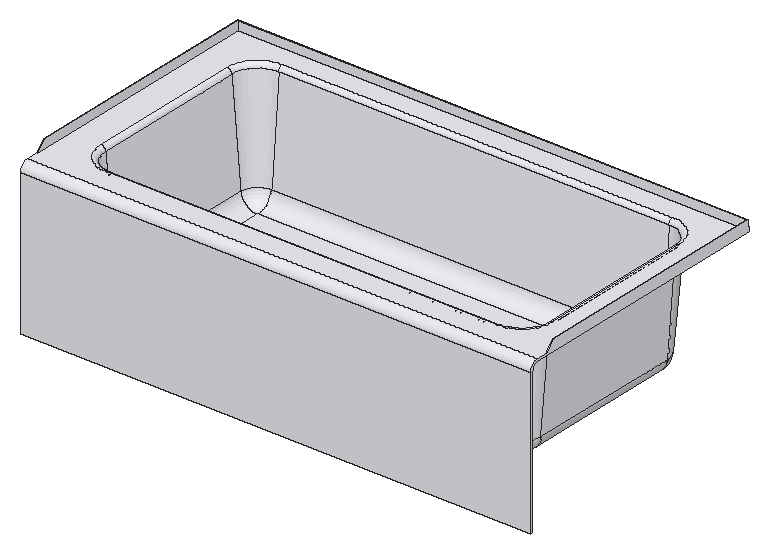
Revit family "Bathtub-American_Standard-Studio-2574_Series", category Plumbing Fixtures, Revit 2014
Parameters (values of type "2574102.011")
  Width = 60"  # constant formula
  Right Overflow Offset = 5"
  Drain Offset = 50 1/4"
  Waste Connection Diameter = 1 3/4"
  Waste Connection = yes
  Warranty Information = "Limited Lifetime Warranty"  # constant formula
  WFU = 4  # constant formula
  Vent Connection = no
  URL = "http://www.americanstandard-us.com"
  Product Page URL = ""
  Product Documentation Link = ""
  Price = "Prices may vary. Please consult Manufacturer Representative for most up-to-date price list."  # constant formula
  Left Overflow Offset = 1"
  Model = "2574102.011"
  Material = "High Gloss Acrylic-American Standard-011-Arctic White"
  Manufacturer = "American Standard"  # constant formula
  Length = 32"  # constant formula
  Installation Type = "Surface Mounted"  # constant formula
  Hot Water Connection Diameter = 1/2"
  Height = 18"  # constant formula
  HWFU = 3  # constant formula
  HW Connection = yes
  Finish = High Gloss Acrylic-American Standard-011-Arctic White
  EverClean Surface = yes
  Drain Length = 15 5/8"  # constant formula
  Description = "Studio Bathing Pool Above Floor Rough with Built-In Apron"  # constant formula
  Default Elevation = 0"  # constant formula
  Creation Date = "02/27/2019"  # constant formula
  Cold Water Connection Diameter = 1/2"
  CWFU = 3  # constant formula
  CW Connection = yes
  Assembly Code = "D2010510"
Types (5): name | Right Overflow Offset | Drain Offset | Left Overflow Offset | Model | Material | Finish
  (no name) | 5" | 50 1/4" | 1" | "2574102.011" | "High Gloss Acrylic-American Standard-011-Arctic White" | High Gloss Acrylic-American Standard-011-Arctic White
  2574102.020 | 5" | 50 1/4" | 1" | "2574102.020" | "High Gloss Acrylic-American Standard-020-White" | High Gloss Acrylic-American Standard-020-White
  2574102.011 | 5" | 50 1/4" | 1" | "2574102.011" | "High Gloss Acrylic-American Standard-011-Arctic White" | High Gloss Acrylic-American Standard-011-Arctic White
  2574202.020 | 1" | 9 3/4" | 5" | "2574202.020" | "High Gloss Acrylic-American Standard-020-White" | High Gloss Acrylic-American Standard-020-White
  2574202.011 | 1" | 9 3/4" | 5" | "2574202.011" | "High Gloss Acrylic-American Standard-011-Arctic White" | High Gloss Acrylic-American Standard-011-Arctic White
Reference planes (in)
  plane 1 "Center (Front/Back)": y = 0
  plane 2: z = 0
  plane 3 "Center (Left/Right)": x = 8.25
  plane 4: z = 18
  plane 5: x = 68.25
  plane 6: y = -32
  plane 7: x = 58.5
  plane 8: x = 11.7997
  plane 9: x = 65.19079
  plane 10: y = -15.625
  plane 11: y = -2.48385
  plane 12: y = -28.51615
  plane 13: z = 19
  plane 14: z = 3
  plane 15: z = 3
  plane 16: y = -29.51615
  plane 17: x = 8.375
  plane 18: y = -0.125
  plane 19: x = 68.125
  plane 20: z = 15
  plane 21: x = 38.25
  plane 22: x = 9.25
  plane 23: x = 63.25
Forms (in)
  Sweep 1, solid, material "High Gloss Acrylic-American Standard-011-Arctic White" <- "Finish"
    path origin (0, 0, 0) x (1, 0, 0) y (0, 1, 0)
      loop
        arc (15.5497, -2.48385) -> (12.89805, -3.5822) -> (11.7997, -6.23385) r 3.75
        line (11.7997, -6.23385) -> (11.7997, -24.76615)
        arc (11.7997, -24.76615) -> (12.89805, -27.4178) -> (15.5497, -28.51615) r 3.75
        line (15.5497, -28.51615) -> (61.44079, -28.51615)
        arc (61.44079, -28.51615) -> (64.09244, -27.4178) -> (65.19079, -24.76615) r 3.75
        line (65.19079, -24.76615) -> (65.19079, -6.23385)
        arc (65.19079, -6.23385) -> (64.09244, -3.5822) -> (61.44079, -2.48385) r 3.75
        line (61.44079, -2.48385) -> (15.5497, -2.48385)
    profile origin (38.49525, -2.48385, 0) x (0, 1, 0) y (0, 0, 1)
      loop
        line (0, 18) -> (-0.10361, 18)
        arc (-0.10361, 18) -> (-0.48901, 17.85013) -> (-0.6719, 17.47926) r 0.57046
        line (-0.6719, 17.47926) -> (-1.71477, 5.55923)
        arc (-1.71477, 5.55923) -> (-2.32824, 4.31522) -> (-3.62099, 3.8125) r 1.9135
        line (-3.62099, 3.8125) -> (-3.7255, 3.8125) -> (-3.7255, 3.5625) -> (-3.54615, 3.5625)
        arc (-3.54615, 3.5625) -> (-2.13969, 4.10945) -> (-1.47224, 5.46289) r 2.08184
        line (-1.47224, 5.46289) -> (-0.42354, 17.44954)
        arc (-0.42354, 17.44954) -> (-0.31802, 17.66353) -> (-0.09565, 17.75) r 0.32915
        line (-0.09565, 17.75) -> (0, 17.75) -> (0, 18)
  Extrusion 2, solid, material "High Gloss Acrylic-American Standard-011-Arctic White" <- "Finish"
    sketch origin (0, 0, 0) x (1, 0, 0) y (0, 1, 0)
      loop
        arc (15.5497, -6.20935) -> (15.53238, -6.21652) -> (15.5252, -6.23385) r 0.0245
        line (15.5252, -6.23385) -> (15.5252, -24.76615)
        arc (15.5252, -24.76615) -> (15.53238, -24.78348) -> (15.5497, -24.79065) r 0.0245
        line (15.5497, -24.79065) -> (61.44079, -24.79065)
        arc (61.44079, -24.79065) -> (61.45811, -24.78348) -> (61.46529, -24.76615) r 0.0245
        line (61.46529, -24.76615) -> (61.46529, -6.23385)
        arc (61.46529, -6.23385) -> (61.45811, -6.21652) -> (61.44079, -6.20935) r 0.0245
        line (61.44079, -6.20935) -> (15.5497, -6.20935)
      loop
        circle (58.5, -15.625) r 0.875
    from 3.5625 to 3.8125
  Extrusion 3, solid, material "High Gloss Acrylic-American Standard-011-Arctic White" <- "Finish"
    sketch origin (0, 0, 0) x (1, 0, 0) y (0, 1, 0)
      loop
        line (8.25, 0) -> (8.25, -29.51615) -> (68.25, -29.51615) -> (68.25, 0) -> (8.25, 0)
      loop
        line (61.44079, -2.48385) -> (15.5497, -2.48385)
        arc (15.5497, -2.48385) -> (12.89805, -3.5822) -> (11.7997, -6.23385) r 3.75
        line (11.7997, -6.23385) -> (11.7997, -24.76615)
        arc (11.7997, -24.76615) -> (12.89805, -27.4178) -> (15.5497, -28.51615) r 3.75
        line (15.5497, -28.51615) -> (61.44079, -28.51615)
        arc (61.44079, -28.51615) -> (64.09244, -27.4178) -> (65.19079, -24.76615) r 3.75
        line (65.19079, -24.76615) -> (65.19079, -6.23385)
        arc (65.19079, -6.23385) -> (64.09244, -3.5822) -> (61.44079, -2.48385) r 3.75
    from 17.75 to 18
  Extrusion 4, solid, material "High Gloss Acrylic-American Standard-011-Arctic White" <- "Finish"
    sketch origin (8.25, 0, 0) x (0, 1, 0) y (0, 0, 1)
      loop
        line (-32, 0) -> (-31.75, 0) -> (-31.75, 16.887)
        arc (-31.75, 16.887) -> (-31.49723, 17.49723) -> (-30.887, 17.75) r 0.863
        line (-30.887, 17.75) -> (-29.51615, 17.75) -> (-29.51615, 18) -> (-30.95287, 18)
        arc (-30.95287, 18) -> (-31.6933, 17.6933) -> (-32, 16.95287) r 1.04713
        line (-32, 16.95287) -> (-32, 0)
    from 0 to 60
  Extrusion 5, solid, material "High Gloss Acrylic-American Standard-011-Arctic White" <- "Finish"
    sketch origin (0, 0, 0) x (1, 0, 0) y (0, 1, 0)
      loop
        line (8.25, -29.51615) -> (8.375, -29.51615) -> (8.375, -0.125) -> (68.125, -0.125) -> (68.125, -29.51615) -> (68.25, -29.51615) -> (68.25, 0) -> (8.25, 0) -> (8.25, -29.51615)
    from 18 to 19
  Extrusion 6, void
    sketch origin (8.25, 0, 0) x (0, 1, 0) y (0, 0, 1)
      loop
        line (-29.51615, 18) -> (-28.51615, 19) -> (-29.51615, 19) -> (-29.51615, 18)
    from 0 to 60
  Extrusion 7, void
    sketch origin (8.25, 0, 0) x (0, 1, 0) y (0, 0, 1)
      loop
        circle (-15.625, 15) r 0.75
    from 1 to 0
  Extrusion 8, void
    sketch origin (68.25, 0, 0) x (0, 1, 0) y (0, 0, -1)
      loop
        circle (-15.625, -15) r 0.75
    from 5 to 0
  Extrusion 9, solid, not visible
    sketch origin (0, 0, 0) x (1, 0, 0) y (0, 1, 0)
      loop
        circle (58.5, -15.625) r 0.875
    from 3.5625 to 3.625
Cuts and joins
  Extrusion 7, Extrusion 8 cuts Sweep 1
  Extrusion 8 cuts Extrusion 2
  Extrusion 8 cuts Extrusion 3
  Extrusion 8 cuts Extrusion 4
  Extrusion 6, Extrusion 8 cuts Extrusion 5
  joined: Sweep 1, Extrusion 2, Extrusion 3, Extrusion 4, Extrusion 5
Lines and regions (in)
  Masking region 1
    outline origin (0, 0, 0) x (1, 0, 0) y (0, 1, 0)
      loop
        line (8.25, -32) -> (68.25, -32) -> (68.25, 0) -> (8.25, 0) -> (8.25, -32)
  symbolic lines, detail levels medium+fine
    curve 1: line (15.85165, -3.03192, 0) -> (60.93748, -3.03192, 0)
    curve 2: line (15.85165, -27.76615, 0) -> (60.93748, -27.76615, 0)
    curve 3: line (12.35165, -24.26615, 0) -> (12.35165, -6.53192, 0)
    curve 4: line (64.43748, -6.53192, 0) -> (64.43748, -24.26615, 0)
    curve 5: arc (12.35165, -6.53192, 0) -> (13.37677, -4.05705, 0) -> (15.85165, -3.03192, 0) r 3.5
    curve 6: arc (12.35165, -24.26615, 0) -> (13.37677, -26.74103, 0) -> (15.85165, -27.76615, 0) r 3.5
    curve 7: arc (60.93748, -27.76615, 0) -> (63.41235, -26.74103, 0) -> (64.43748, -24.26615, 0) r 3.5
    curve 8: arc (64.43748, -6.53192, 0) -> (63.41235, -4.05705, 0) -> (60.93748, -3.03192, 0) r 3.5
  symbolic lines, detail levels fine
    curve 9: circle (58.5, -15.625, 0) r 0.875 normal (0, 0, 1)
    curve 10: line (8.375, -29.51615, 0) -> (8.375, -0.125, 0)
    curve 11: line (8.375, -0.125, 0) -> (68.125, -0.125, 0)
    curve 12: line (68.125, -0.125, 0) -> (68.125, -29.51615, 0)
    curve 13: line (68.125, -29.51615, 0) -> (68.25, -29.51615, 0)
    curve 14: line (68.125, -28.51615, 0) -> (68.25, -28.51615, 0)
    curve 15: line (8.25, -29.51615, 0) -> (8.375, -29.51615, 0)
    curve 16: line (8.25, -28.51615, 0) -> (8.375, -28.51615, 0)
Dimensions and locks (in)
  "Width": plane 3 "Center (Left/Right)" to plane 5
  "Length": plane 1 "Center (Front/Back)" to plane 6
  "Height": plane 4 to level
  "Drain Offset": plane 3 "Center (Left/Right)" to plane 7
  locked: plane 3 "Center (Left/Right)" to plane 8 at 3.5497
  locked: plane 9 to plane 5 at 3.05921
  "Drain Length": plane 1 "Center (Front/Back)" to plane 10
  locked: plane 11 to plane 1 "Center (Front/Back)" at 2.48385
  locked: plane 6 to plane 12 at 3.48385
  locked: plane 13 to plane 4 at 1
  locked: plane 14 to level at 3
  locked: plane 15 to level at 3
  locked: plane 16 to plane 12 at 1
  locked: Extrusion 4 sketch curve to plane 6 at 0.25
  locked: plane 4 to Extrusion 4 sketch curve at 0.25
  locked: plane 3 "Center (Left/Right)" to plane 17 at 0.125
  locked: plane 19 to plane 5 at 0.125
  locked: plane 18 to plane 1 "Center (Front/Back)" at 0.125
  locked: plane 20 to plane 4 at 3
  equal spacing: plane 3 "Center (Left/Right)", plane 21, plane 5
  "Left Overflow Offset": plane 3 "Center (Left/Right)" to plane 22
  "Right Overflow Offset": plane 23 to plane 5
  locked: curve 4 to plane 9 at 0.75331
  locked: plane 8 to curve 3 at 0.55194
  locked: plane 11 to curve 1 at 0.54808
  locked: plane 12 to curve 2 at 0.75
  radius of Sweep 1 sketch curve = 3 3/4"  (x4)
  "Waste Connection Diameter": diameter of Extrusion 2 sketch curve
  radius of Extrusion 4 sketch curve = 1.04713"
  radius of Extrusion 4 sketch curve = 0.863"
  diameter of Extrusion 7 sketch curve = 1 1/2"
  diameter of Extrusion 8 sketch curve = 1 1/2"
  radius of curve 5 = 3 1/2"
  radius of curve 6 = 3 1/2"
  radius of curve 7 = 3 1/2"
  radius of curve 8 = 3 1/2"
  aligned and locked: Sweep 1 sketch curve to plane 11
  aligned and locked: Sweep 1 sketch curve to plane 8
  aligned and locked: Sweep 1 sketch curve to plane 12
  aligned and locked: plane 9 to Sweep 1 sketch curve
  aligned and locked: Extrusion 2 sketch curve to Sweep 1  (x4)
  aligned and locked: plane 7 to Extrusion 2 sketch curve
  aligned and locked: plane 10 to Extrusion 2 sketch curve
  aligned and locked: Sweep 1 to Extrusion 2  (x2)
  aligned and locked: plane 1 "Center (Front/Back)" to Extrusion 3 sketch curve
  aligned and locked: plane 3 "Center (Left/Right)" to Extrusion 3 sketch curve
  aligned and locked: Extrusion 3 sketch curve to plane 16
  aligned and locked: Extrusion 3 sketch curve to plane 5
  aligned and locked: Extrusion 3 sketch curve to Sweep 1  (x4)
  aligned and locked: Extrusion 3 to Sweep 1  (x2)
  aligned and locked: Extrusion 4 sketch curve to plane 16
  aligned and locked: plane 4 to Extrusion 4 sketch curve
  aligned and locked: Extrusion 4 sketch curve to plane 6
  aligned and locked: Extrusion 4 sketch curve to level
  aligned and locked: plane 3 "Center (Left/Right)" to Extrusion 5 sketch curve
  aligned and locked: Extrusion 5 sketch curve to plane 17
  aligned and locked: plane 1 "Center (Front/Back)" to Extrusion 5 sketch curve
  aligned and locked: Extrusion 5 sketch curve to plane 18
  aligned and locked: Extrusion 5 sketch curve to plane 5
  aligned and locked: Extrusion 5 sketch curve to plane 19
  aligned and locked: plane 13 to Extrusion 5
  aligned and locked: Extrusion 5 to plane 4
  aligned and locked: Extrusion 5 sketch curve to plane 16  (x2)
  aligned and locked: Extrusion 6 sketch curve to plane 16
  aligned and locked: plane 12 to Extrusion 6 sketch curve
  aligned and locked: plane 4 to Extrusion 6 sketch curve
  aligned and locked: plane 16 to Extrusion 6 sketch curve
  aligned and locked: plane 13 to Extrusion 6 sketch curve
  aligned and locked: Extrusion 6 to plane 3 "Center (Left/Right)"
  aligned and locked: plane 5 to Extrusion 6
  aligned and locked: Extrusion 4 to plane 3 "Center (Left/Right)"
  aligned and locked: plane 5 to Extrusion 4
  aligned and locked: plane 10 to Extrusion 7 sketch curve
  aligned and locked: plane 20 to Extrusion 7 sketch curve
  aligned and locked: plane 22 to Extrusion 7
  aligned and locked: Extrusion 7 to plane 3 "Center (Left/Right)"
  aligned and locked: plane 23 to Extrusion 8
  aligned and locked: plane 5 to Extrusion 8
  aligned and locked: plane 20 to Extrusion 8 sketch curve
  aligned and locked: plane 10 to Extrusion 8 sketch curve
  aligned and locked: Masking region 1 sketch curve to cut or joined group of Sweep 1, Extrusion 2, Extrusion 3, Extrusion 4, Extrusion 5, Extrusion 6, Extrusion 7, Extrusion 8  (x4)
  aligned and locked: curve 9 to cut or joined group of Sweep 1, Extrusion 2, Extrusion 3, Extrusion 4, Extrusion 5, Extrusion 6, Extrusion 7, Extrusion 8
  aligned and locked: curve 10 to cut or joined group of Sweep 1, Extrusion 2, Extrusion 3, Extrusion 4, Extrusion 5, Extrusion 6, Extrusion 7, Extrusion 8
  aligned and locked: curve 11 to cut or joined group of Sweep 1, Extrusion 2, Extrusion 3, Extrusion 4, Extrusion 5, Extrusion 6, Extrusion 7, Extrusion 8
  aligned and locked: curve 12 to cut or joined group of Sweep 1, Extrusion 2, Extrusion 3, Extrusion 4, Extrusion 5, Extrusion 6, Extrusion 7, Extrusion 8
  aligned and locked: curve 13 to cut or joined group of Sweep 1, Extrusion 2, Extrusion 3, Extrusion 4, Extrusion 5, Extrusion 6, Extrusion 7, Extrusion 8
  aligned and locked: curve 14 to cut or joined group of Sweep 1, Extrusion 2, Extrusion 3, Extrusion 4, Extrusion 5, Extrusion 6, Extrusion 7, Extrusion 8
  aligned and locked: curve 15 to cut or joined group of Sweep 1, Extrusion 2, Extrusion 3, Extrusion 4, Extrusion 5, Extrusion 6, Extrusion 7, Extrusion 8
  aligned and locked: curve 16 to cut or joined group of Sweep 1, Extrusion 2, Extrusion 3, Extrusion 4, Extrusion 5, Extrusion 6, Extrusion 7, Extrusion 8
  aligned and locked: cut or joined group of Sweep 1, Extrusion 2, Extrusion 3, Extrusion 4, Extrusion 5, Extrusion 6, Extrusion 7, Extrusion 8 to curve 15
  aligned and locked: plane 3 "Center (Left/Right)" to curve 16
  aligned and locked: cut or joined group of Sweep 1, Extrusion 2, Extrusion 3, Extrusion 4, Extrusion 5, Extrusion 6, Extrusion 7, Extrusion 8 to curve 16
  aligned and locked: plane 5 to curve 13
  aligned and locked: plane 5 to curve 14
  aligned and locked: plane 19 to curve 14
  aligned and locked: cut or joined group of Sweep 1, Extrusion 2, Extrusion 3, Extrusion 4, Extrusion 5, Extrusion 6, Extrusion 7, Extrusion 8 to Extrusion 9
  aligned and locked: Extrusion 9 sketch curve to cut or joined group of Sweep 1, Extrusion 2, Extrusion 3, Extrusion 4, Extrusion 5, Extrusion 6, Extrusion 7, Extrusion 8
Automatic sketch dimensions
  Sweep 1 sketch curve to profile plane = 0"
  profile plane to Sweep 1 sketch curve = 0.09565"
  Sweep 1 sketch curve to Sweep 1 sketch curve = 0.00796"
  Sweep 1 sketch curve to Sweep 1 sketch curve = 0.31994"
  Sweep 1 sketch curve to Sweep 1 sketch curve = 0.24836"
  profile plane to Sweep 1 sketch curve = 1.47224"
  Sweep 1 sketch curve to Sweep 1 sketch curve = 0.24253"
  plane 14 to Sweep 1 sketch curve = 9/16"
  Sweep 1 sketch curve to Sweep 1 sketch curve = 1.83139"
  Sweep 1 sketch curve to Sweep 1 sketch curve = 0.07483"
  Sweep 1 sketch curve to Sweep 1 sketch curve = 0.10452"
  Sweep 1 sketch curve to Sweep 1 sketch curve = 1/4"
  plane 14 to Sweep 1 sketch curve = 2.46289"
  Sweep 1 sketch curve to Sweep 1 sketch curve = 0.09634"
  Sweep 1 sketch curve to Sweep 1 sketch curve = 11.86162"
  Sweep 1 sketch curve to Sweep 1 sketch curve = 0.00869"
  Sweep 1 sketch curve to Sweep 1 sketch curve = 0.02"
  Sweep 1 sketch curve to Sweep 1 sketch curve = 0.02972"
Connectors (in)
  piping at (58.5, -15.625, 3.625), diameter 1.75, driven by "WFU", driven by "Waste Connection Diameter"
    settings: on Extrusion 9, index 1, connector inside diameter 24", connector length 0", flow factor 0, pipe flow 0 GPM, pressure drop 0.00 psi, fitting loss kfactor 0, connector angle 0.00°, fixture units 4, engagement length 0", angle of deflection 0.00°, flow configuration 3, flow direction 2, fitting loss method 0, system type 16, joint type 0, gender type 0, connector reference index -1, connector utility 0, adjustable connector no, is connector primary yes, connector description "1-3/4\" Waste Outlet"
